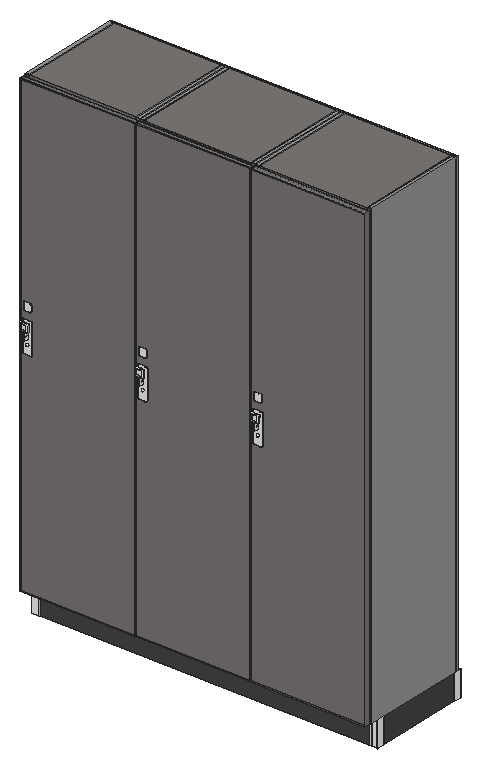
Revit family "Wood_Lockers_Hasps-Salsbury_Industries-18_41000_Series-3_Wide_Units", category Specialty Equipment, Revit 2026 (continued)
Definition of nested family "Premier Locker Doors_Hasp"
  Forms (in)
    Extrusion 6, solid, visible <- "Visible Number Plates", detail levels medium+fine
      sketch origin (-1.875, -0.375, 0) x (1, 0, 0) y (0, 0, 1)
        loop
          arc (-6.41334, 40.75) -> (-6.51881, 40.70631) -> (-6.5625, 40.60084) r 0.14916
          line (-6.5625, 40.60084) -> (-6.5625, 39.64916)
          arc (-6.5625, 39.64916) -> (-6.51881, 39.54369) -> (-6.41334, 39.5) r 0.14916
          line (-6.41334, 39.5) -> (-5.46166, 39.5)
          arc (-5.46166, 39.5) -> (-5.35619, 39.54369) -> (-5.3125, 39.64916) r 0.14916
          line (-5.3125, 39.64916) -> (-5.3125, 40.60084)
          arc (-5.3125, 40.60084) -> (-5.35619, 40.70631) -> (-5.46166, 40.75) r 0.14916
          line (-5.46166, 40.75) -> (-6.41334, 40.75)
      from -0.062 to 0
    Extrusion 7, solid, detail levels medium+fine
      sketch origin (0, 0.375, 0) x (1, 0, 0) y (0, 0, 1)
        loop
          circle (-8.4875, 71.3) r 0.25
      from 0 to -0.25
    Extrusion 8, solid, detail levels medium+fine
      sketch origin (0, 0.375, 0) x (1, 0, 0) y (0, 0, 1)
        loop
          line (8.3125, 68.5) -> (8.3125, 69) -> (7.8125, 69) -> (7.8125, 68.5) -> (8.3125, 68.5)
      from 0 to -0.25
    Extrusion 9, solid, detail levels medium+fine
      sketch origin (0, 0.375, -0.25) x (1, 0, 0) y (0, 0, 1)
        loop
          line (8.3125, 3) -> (8.3125, 3.5) -> (7.8125, 3.5) -> (7.8125, 3) -> (8.3125, 3)
      from 0 to -0.25
    Extrusion 10, solid, visible <- "Visible Center Hinge", detail levels medium+fine
      sketch origin (0, 0.375, -0.25) x (1, 0, 0) y (0, 0, 1)
        loop
          line (8.3125, 35.875) -> (8.3125, 36.375) -> (7.8125, 36.375) -> (7.8125, 35.875) -> (8.3125, 35.875)
      from 0 to -0.25
    Extrusion 11, void
      sketch origin (-1.875, -0.375, 0) x (1, 0, 0) y (0, 0, 1)
        loop
          arc (-6.5625, 38.3125) -> (-6.65089, 38.27589) -> (-6.6875, 38.1875) r 0.125
          line (-6.6875, 38.1875) -> (-6.6875, 33.5625)
          arc (-6.6875, 33.5625) -> (-6.65089, 33.47411) -> (-6.5625, 33.4375) r 0.125
          line (-6.5625, 33.4375) -> (-5.3125, 33.4375)
          arc (-5.3125, 33.4375) -> (-5.22411, 33.47411) -> (-5.1875, 33.5625) r 0.125
          line (-5.1875, 33.5625) -> (-5.1875, 38.1875)
          arc (-5.1875, 38.1875) -> (-5.22411, 38.27589) -> (-5.3125, 38.3125) r 0.125
          line (-5.3125, 38.3125) -> (-6.5625, 38.3125)
      from -0.062 to 0
    Extrusion 12, solid
      sketch origin (-1.875, -0.375, 0) x (1, 0, 0) y (0, 0, 1)
        loop
          line (-5.3125, 38.3125) -> (-6.5625, 38.3125)
          arc (-6.5625, 38.3125) -> (-6.65089, 38.27589) -> (-6.6875, 38.1875) r 0.125
          line (-6.6875, 38.1875) -> (-6.6875, 33.5625)
          arc (-6.6875, 33.5625) -> (-6.65089, 33.47411) -> (-6.5625, 33.4375) r 0.125
          line (-6.5625, 33.4375) -> (-5.3125, 33.4375)
          arc (-5.3125, 33.4375) -> (-5.22411, 33.47411) -> (-5.1875, 33.5625) r 0.125
          line (-5.1875, 33.5625) -> (-5.1875, 38.1875)
          arc (-5.1875, 38.1875) -> (-5.22411, 38.27589) -> (-5.3125, 38.3125) r 0.125
      from 0 to -0.062
    Extrusion 13, void
      sketch origin (-1.875, -0.375, 0) x (1, 0, 0) y (0, 0, 1)
        loop
          line (-6.1255, 36.6245) -> (-6.1255, 35.74816)
          arc (-6.1255, 35.74816) -> (-5.9375, 35.56016) -> (-5.7495, 35.74816) r 0.188
          line (-5.7495, 35.74816) -> (-5.7495, 36.6245)
          arc (-5.7495, 36.6245) -> (-5.9375, 36.8125) -> (-6.1255, 36.6245) r 0.188
      from 0 to -0.75
    Sweep 14, solid, detail levels medium+fine
      path origin (-1.875, -0.375, 0) x (1, 0, 0) y (0, 0, 1)
        loop
          circle (-5.9375, 34.8125) r 0.01
      profile origin (-7.8125, -0.375, 34.8225) x (0, 0, -1) y (0, -1, 0)
        loop
          line (0, 0) -> (0, 0.125)
          arc (0, 0.125) -> (-0.10032, 0.09036) -> (-0.156, 0) r 0.15776
          line (-0.156, 0) -> (0, 0)
    Extrusion 15, solid, detail levels medium+fine
      sketch origin (-1.875, -0.375, 0) x (1, 0, 0) y (0, 0, 1)
        loop
          circle (-5.9375, 34.8125) r 0.01
      from 0 to 0.125
    Sweep 16, solid
      path origin (-1.875, -0.375, 0) x (1, 0, 0) y (0, 0, 1)
        loop
          line (-6.5625, 38.1875) -> (-6.5625, 36.9375) -> (-5.3125, 36.9375) -> (-5.3125, 38.1875) -> (-6.5625, 38.1875)
      profile origin (-7.8125, -0.375, 38.1875) x (0, 0, 1) y (0, -1, 0)
        loop
          line (-0.38067, 0) -> (-0.38067, 0.24142)
          arc (-0.38067, 0.24142) -> (-0.34525, 0.34191) -> (-0.25465, 0.39797) r 0.16024
          arc (-0.25465, 0.39797) -> (-0.10494, 0.46941) -> (0, 0.59789) r 0.37946
          spline (0, 0.59789) -> (-0.00179, 0.61485) -> (-0.00715, 0.6316) -> (-0.01601, 0.64793) -> (-0.02825, 0.66364) -> (-0.04373, 0.67852) -> (-0.06225, 0.6924) -> (-0.08358, 0.7051) -> (-0.10745, 0.71647) -> (-0.13357, 0.72635) -> (-0.16161, 0.73463) -> (-0.19123, 0.74121) -> (-0.22204, 0.746)
          arc (-0.22204, 0.746) -> (-0.31051, 0.60028) -> (-0.42829, 0.47704) r 0.78682
          arc (-0.42829, 0.47704) -> (-0.50625, 0.37521) -> (-0.53396, 0.25) r 0.29673
          line (-0.53396, 0.25) -> (-0.53396, 0) -> (-0.38067, 0)
    Blend 17, solid
      base sketch origin (-1.875, -1.125, 0) x (0, 0, -1) y (-1, 0, 0)
        loop
          line (-37.96546, 6.34046) -> (-37.96546, 5.53454) -> (-37.15954, 5.53454) -> (-37.15954, 6.34046) -> (-37.96546, 6.34046)
      top sketch origin (-1.875, -1.125, 0) x (0, 0, -1) y (-1, 0, 0)
        loop
          line (-37.93279, 6.30777) -> (-37.93279, 5.56715) -> (-37.19211, 5.56715) -> (-37.19211, 6.30777) -> (-37.93279, 6.30777)
      from 0 to 0.031
    Extrusion 18, solid
      sketch origin (-7.8125, 0, 0) x (0, 0, -1) y (0, -1, 0)
        loop
          line (-35.6844, 1) -> (-36.6844, 1) -> (-36.6844, -0.375) -> (-35.6844, -0.375) -> (-35.6844, 1)
      from -0.063 to 0.063
    Extrusion 19, void
      sketch origin (-7.8125, 35.51803, 36.85077) x (0, 1, 0) y (0, 0, -1)
        loop
          circle (-36.1844, 0.66637) r 0.25
      from -0.063 to 0.063
  Cuts and joins
    Extrusion 5, Extrusion 13 cuts Extrusion 1
    Extrusion 5, Extrusion 11 cuts Extrusion 3
    Extrusion 13 cuts Extrusion 12
    Extrusion 13 cuts Extrusion 2
    Extrusion 19 cuts Extrusion 18
  Lines and regions (in)
    symbolic lines
      curve 1: line (-8.9375, 0.375, 0) -> (8.9375, 0.375, 0)
      curve 2: line (8.9375, 0.375, 0) -> (8.9375, 0.375, 71.75)
      curve 3: line (8.9375, 0.375, 71.75) -> (-8.9375, 0.375, 71.75)
      curve 4: line (-8.9375, 0.375, 71.75) -> (-8.9375, 0.375, 0)
      curve 5: line (-8.9375, 0.375, 71.625) -> (8.9375, 0.375, 71.625)
      curve 6: line (-8.9375, -0.375, 71.625) -> (-8.9375, 0.375, 71.625)
      curve 7: line (8.9375, -0.375, 71.625) -> (-8.9375, -0.375, 71.625)
      curve 8: line (8.9375, 0.375, 71.625) -> (8.9375, -0.375, 71.625)
      curve 9: line (8.3125, 0.375, 71.625) -> (8.3125, 0.625, 71.625)
      curve 10: line (8.3125, 0.625, 71.625) -> (7.8125, 0.625, 71.625)
      curve 11: line (7.8125, 0.625, 71.625) -> (7.8125, 0.375, 71.625)
      curve 12: line (-8.73713, 0.375, 71.625) -> (-8.73713, 0.625, 71.625)
      curve 13: line (-8.2375, 0.375, 71.625) -> (-8.2375, 0.625, 71.625)
      curve 14: line (-8.2375, 0.625, 71.625) -> (-8.73713, 0.625, 71.625)
      curve 15: line (-7.8125, -0.375, 71.75) -> (-7.8125, 0.375, 71.75)
      curve 16: line (-7.8125, -0.375, 0) -> (-7.8125, -0.375, 71.75)
      curve 17: line (-7.8125, 0.375, 0) -> (-7.8125, -0.375, 0)
      curve 18: line (-7.8125, 0.375, 71.75) -> (-7.8125, 0.375, 0)
      curve 19: line (-7.8125, 0.375, 69) -> (-7.8125, 0.625, 69)
      curve 20: line (-7.8125, 0.625, 69) -> (-7.8125, 0.625, 68.5)
      curve 21: line (-7.8125, 0.625, 68.5) -> (-7.8125, 0.375, 68.5)
      curve 22: line (-7.8125, 0.375, 3.25) -> (-7.8125, 0.625, 3.25)
      curve 23: line (-7.8125, 0.625, 3.25) -> (-7.8125, 0.625, 2.75)
      curve 24: line (-7.8125, 0.625, 2.75) -> (-7.8125, 0.375, 2.75)
      curve 25: line (-7.8125, 0.375, 36.125) -> (-7.8125, 0.625, 36.125)
      curve 26: line (-7.8125, 0.625, 36.125) -> (-7.8125, 0.625, 35.625)
      curve 27: line (-7.8125, 0.625, 35.625) -> (-7.8125, 0.375, 35.625)
      curve 28: line (-8.5625, -0.375, 71.625) -> (-7.0625, -0.375, 71.625)
      curve 29: line (-8.4375, -1.125, 38.3125) -> (-7.1875, -1.125, 38.3125)
      curve 30: arc (-7.0625, -1.125, 38.1875) -> (-7.09911, -1.125, 38.27589) -> (-7.1875, -1.125, 38.3125) r 0.125
      curve 31: arc (-8.4375, -1.125, 38.3125) -> (-8.52589, -1.125, 38.27589) -> (-8.5625, -1.125, 38.1875) r 0.125
      curve 32: line (-8.5625, -1.125, 33.5625) -> (-8.5625, -1.125, 38.1875)
      curve 33: line (-7.0625, -1.125, 38.1875) -> (-7.0625, -1.125, 33.5625)
      curve 34: arc (-7.1875, -1.125, 33.4375) -> (-7.09911, -1.125, 33.47411) -> (-7.0625, -1.125, 33.5625) r 0.125
      curve 35: arc (-8.5625, -1.125, 33.5625) -> (-8.52589, -1.125, 33.47411) -> (-8.4375, -1.125, 33.4375) r 0.125
      curve 36: line (-7.1875, -1.125, 33.4375) -> (-8.4375, -1.125, 33.4375)
      curve 37: arc (-7.6245, -1.125, 36.6245) -> (-7.8125, -1.125, 36.8125) -> (-8.0005, -1.125, 36.6245) r 0.188
      curve 38: arc (-8.0005, -1.125, 35.7505) -> (-7.8125, -1.125, 35.5625) -> (-7.6245, -1.125, 35.7505) r 0.188
      curve 39: line (-7.6245, -1.125, 36.6245) -> (-7.6245, -1.125, 35.7505)
      curve 40: line (-8.0005, -1.125, 35.7505) -> (-8.0005, -1.125, 36.6245)
      curve 41: line (-7.1875, -1.125, 36.9375) -> (-8.4375, -1.125, 36.9375)
      curve 42: line (-7.1875, -1.125, 38.1875) -> (-7.1875, -1.125, 36.9375)
      curve 43: line (-8.4375, -1.125, 36.9375) -> (-8.4375, -1.125, 38.1875)
      curve 44: line (-8.4375, -1.125, 38.1875) -> (-7.1875, -1.125, 38.1875)
      curve 45: line (-7.8755, -1.125, 36.6844) -> (-7.7495, -1.125, 36.6844)
      curve 46: line (-7.7495, -1.125, 36.6844) -> (-7.7495, -1.125, 35.6844)
      curve 47: line (-7.8755, -1.125, 35.6844) -> (-7.8755, -1.125, 36.6844)
      curve 48: line (-7.7495, -1.125, 35.6844) -> (-7.8755, -1.125, 35.6844)
      curve 49: line (-7.8125, -1, 36.6844) -> (-7.8125, -0.375, 36.6844)
      curve 50: line (-7.8125, -1, 35.6844) -> (-7.8125, -1, 36.6844)
      curve 51: line (-7.8125, -0.375, 35.6844) -> (-7.8125, -1, 35.6844)
      curve 52: arc (-7.8125, -0.91637, 36.1844) -> (-7.8125, -0.66637, 36.4344) -> (-7.8125, -0.41637, 36.1844) r 0.25
      curve 53: arc (-7.8125, -0.41637, 36.1844) -> (-7.8125, -0.66637, 35.9344) -> (-7.8125, -0.91637, 36.1844) r 0.25
      curve 54: line (-7.8125, -0.375, 37.31817) -> (-7.8125, -0.61642, 37.31817)
      curve 55: arc (-7.8125, -0.77297, 37.19215) -> (-7.8125, -0.71691, 37.28275) -> (-7.8125, -0.61642, 37.31817) r 0.16024
      curve 56: arc (-7.8125, -0.97289, 36.9375) -> (-7.8125, -0.84441, 37.04244) -> (-7.8125, -0.77297, 37.19215) r 0.37946
      curve 57: spline (-7.8125, -1.121, 37.15954) -> (-7.8125, -1.11621, 37.12873) -> (-7.8125, -1.10963, 37.09911) -> (-7.8125, -1.10135, 37.07107) -> (-7.8125, -1.09147, 37.04495) -> (-7.8125, -1.0801, 37.02108) -> (-7.8125, -1.0674, 36.99975) -> (-7.8125, -1.05352, 36.98123) -> (-7.8125, -1.03864, 36.96575) -> (-7.8125, -1.02293, 36.95351) -> (-7.8125, -1.0066, 36.94465) -> (-7.8125, -0.98985, 36.93929) -> (-7.8125, -0.97289, 36.9375)
      curve 58: line (-7.8125, -1.125, 37.15954) -> (-7.8125, -1.125, 37.96546)
      curve 59: spline (-7.8125, -1.121, 37.96546) -> (-7.8125, -1.11621, 37.99627) -> (-7.8125, -1.10963, 38.02589) -> (-7.8125, -1.10135, 38.05393) -> (-7.8125, -1.09147, 38.08005) -> (-7.8125, -1.0801, 38.10392) -> (-7.8125, -1.0674, 38.12525) -> (-7.8125, -1.05352, 38.14377) -> (-7.8125, -1.03864, 38.15925) -> (-7.8125, -1.02293, 38.17149) -> (-7.8125, -1.0066, 38.18035) -> (-7.8125, -0.98985, 38.18571) -> (-7.8125, -0.97289, 38.1875)
      curve 60: arc (-7.8125, -0.97289, 38.1875) -> (-7.8125, -0.84441, 38.08256) -> (-7.8125, -0.77297, 37.93285) r 0.37946
      curve 61: arc (-7.8125, -0.77297, 37.93285) -> (-7.8125, -0.71691, 37.84225) -> (-7.8125, -0.61642, 37.80683) r 0.16024
      curve 62: line (-7.8125, -0.61642, 37.80683) -> (-7.8125, -0.375, 37.80683)
      curve 63: line (-8.05683, -0.61642, 71.625) -> (-8.05683, -0.375, 71.625)
      curve 64: arc (-8.18285, -0.77297, 71.625) -> (-8.09225, -0.71691, 71.625) -> (-8.05683, -0.61642, 71.625) r 0.16024
      curve 65: arc (-8.4375, -0.97289, 71.625) -> (-8.33256, -0.84441, 71.625) -> (-8.18285, -0.77297, 71.625) r 0.37946
      curve 66: line (-7.40954, -1.125, 71.625) -> (-8.21546, -1.125, 71.625)
      curve 67: spline (-7.40954, -1.121, 71.625) -> (-7.37873, -1.11621, 71.625) -> (-7.34911, -1.10963, 71.625) -> (-7.32107, -1.10135, 71.625) -> (-7.29495, -1.09147, 71.625) -> (-7.27108, -1.0801, 71.625) -> (-7.24975, -1.0674, 71.625) -> (-7.23123, -1.05352, 71.625) -> (-7.21575, -1.03864, 71.625) -> (-7.20351, -1.02293, 71.625) -> (-7.19465, -1.0066, 71.625) -> (-7.18929, -0.98985, 71.625) -> (-7.1875, -0.97289, 71.625)
      curve 68: arc (-7.1875, -0.97289, 71.625) -> (-7.29244, -0.84441, 71.625) -> (-7.44215, -0.77297, 71.625) r 0.37946
      curve 69: arc (-7.44215, -0.77297, 71.625) -> (-7.53275, -0.71691, 71.625) -> (-7.56817, -0.61642, 71.625) r 0.16024
      curve 70: line (-7.56817, -0.375, 71.625) -> (-7.56817, -0.61642, 71.625)
      curve 71: spline (-8.21546, -1.121, 71.625) -> (-8.24627, -1.11621, 71.625) -> (-8.27589, -1.10963, 71.625) -> (-8.30393, -1.10135, 71.625) -> (-8.33005, -1.09147, 71.625) -> (-8.35392, -1.0801, 71.625) -> (-8.37525, -1.0674, 71.625) -> (-8.39377, -1.05352, 71.625) -> (-8.40925, -1.03864, 71.625) -> (-8.42149, -1.02293, 71.625) -> (-8.43035, -1.0066, 71.625) -> (-8.43571, -0.98985, 71.625) -> (-8.4375, -0.97289, 71.625)
    reference lines
      curve 72: line (-8.9375, 0, 71.75) -> (8.3435, 0, 71.75)
      curve 73: line (8.3435, 0, 71.75) -> (-8.9375, 0, 71.75)
  Dimensions and locks (in)
    equal spacing: plane 4 "Left Side of Door", plane 3 "Center (Left/Right)", plane 5 "Right Side of Door"
    "Width": plane 4 "Left Side of Door" to plane 5 "Right Side of Door"
    equal spacing: plane 7 "Front of Door", plane 1 "Center (Front/Back)", plane 6 "Back of Door"
    "Depth": plane 7 "Front of Door" to plane 6 "Back of Door"
    equal spacing: plane 9 "Top of Door", plane 10 "Center of Door", plane 8 "Bottom of Door"
    "Height": plane 9 "Top of Door" to plane 8 "Bottom of Door"
    equal spacing: plane 11 "Top of Number Tag", plane 16 "Center of Number Tag", plane 12 "Bottom of Number Tag"
    "Number Tag Height": plane 11 "Top of Number Tag" to plane 12 "Bottom of Number Tag"
    equal spacing: plane 14 "Right Side of Number Tag", plane 15 "Horizontal Center of Number Tag", plane 13 "Left Side of Number Tag"
    "Number Tag Width": plane 14 "Right Side of Number Tag" to plane 13 "Left Side of Number Tag"
    "Number Tag-Horizontal Offset": plane 15 "Horizontal Center of Number Tag" to plane 5 "Right Side of Door"
    "Number Tag-Vertical Offset": plane 9 "Top of Door" to plane 16 "Center of Number Tag"
    "Lock Horizontal Offset": plane 4 "Left Side of Door" to plane 17 "Left Side of Lock"
    equal spacing: plane 20 "Top of Lock", plane 19 "Lock Vertical Center", plane 21 "Bottom of Lock"
    "Lock Height": plane 20 "Top of Lock" to plane 21 "Bottom of Lock"
    "Lock Vertical Offset": plane 9 "Top of Door" to plane 19 "Lock Vertical Center"
    plane 22 "Front of Hasp Stud" to plane 7 "Front of Door" = 0.125"
    locked: plane 24 "Right Side of Door-Left Side of Trim" to plane 5 "Right Side of Door" at 0.125
    locked: plane 4 "Left Side of Door" to plane 23 "Left Side of Door-Right Side of Trim" at 0.125
    locked: plane 9 "Top of Door" to plane 25 "Top of Door-Bottom of Trim" at 0.125
    plane 26 "Bottom of Door-Top of Trim" to plane 8 "Bottom of Door" = 0.125"
    plane 28 "Melamine-Particleboard Line" to plane 6 "Back of Door" = 0.031"
    plane 7 "Front of Door" to plane 27 "Laminate-Particleboard Line" = 0.031"
    plane 27 "Laminate-Particleboard Line" to plane 29 "Back of Number Plate Inset" = 0.031"
    equal spacing: plane 18 "Right Side of Lock", plane 30 "Center of Lock", plane 17 "Left Side of Lock", locked at 0.75 each
    "Lock Width": plane 18 "Right Side of Lock" to plane 17 "Left Side of Lock"
    plane 22 "Front of Hasp Stud" to plane 31 = 0.312"
    plane 6 "Back of Door" to plane 32 "Door Stopper Plane" = 0.250"
    locked: plane 23 "Left Side of Door-Right Side of Trim" to plane 33 at 0.325
    locked: plane 25 "Top of Door-Bottom of Trim" to plane 34 at 0.325
    locked: plane 9 "Top of Door" to plane 35 "Top Hinge" at 3
    plane 36 to plane 5 "Right Side of Door" = 0.625"
    plane 6 "Back of Door" to plane 28 "Melamine-Particleboard Line" = 0.031"
    plane 9 "Top of Door" to plane 25 "Top of Door-Bottom of Trim" = 0.125"
    plane 7 "Front of Door" to plane 38 "Inner Knob" = 0.719"
    locked: plane 38 "Inner Knob" to plane 39 "Front of Knob" at 0.031
    locked: plane 40 to plane 20 "Top of Lock" at 1.125
    locked: plane 21 "Bottom of Lock" to plane 41 at 1.125
    locked: plane 20 "Top of Lock" to plane 42 at 0.125
    locked: plane 18 "Right Side of Lock" to plane 43 at 0.125
    locked: plane 44 to plane 17 "Left Side of Lock" at 0.125
    plane 42 to plane 45 = 1.250"
    locked: plane 45 to plane 46 "Top of Hole" at 0.125
    plane 48 to plane 30 "Center of Lock" to plane 47 = 0.188" locked, 0.188" locked
    locked: plane 46 "Top of Hole" to plane 49 "Bottom of Hole" at 1.25
    plane 49 "Bottom of Hole" to plane 50 "Stud Alignment" = 0.750"
    locked: plane 42 to plane 51 "Center of Handle" at 0.625
    plane 52 to plane 51 "Center of Handle" to plane 53 = 0.188" locked, 0.188" locked
    plane 7 "Front of Door" to plane 39 "Front of Knob" = 0.750"
    locked: plane 42 to plane 54 at 0.22204
    locked: plane 55 to plane 45 at 0.22204
    locked: plane 7 "Front of Door" to plane 56 "Front of Latch" at 0.625
    locked: plane 57 to plane 58 at 1
    locked: plane 46 "Top of Hole" to plane 57 at 0.1281
    equal spacing: plane 58, plane 59, plane 57
    locked: plane 60 to plane 5 "Right Side of Door" at 0.594
    locked: plane 57 to plane 61 at 0.0599
    locked: plane 62 to plane 58 at 0.06376
    plane 12 "Bottom of Number Tag" to plane 20 "Top of Lock" = 1.1875"
    aligned and locked: level to plane 2
    aligned and locked: Extrusion 5 to plane 11 "Top of Number Tag"
    aligned and locked: plane 12 "Bottom of Number Tag" to Extrusion 5
    aligned and locked: Extrusion 5 to plane 14 "Right Side of Number Tag"
    aligned and locked: Extrusion 5 to plane 13 "Left Side of Number Tag"
    aligned and locked: plane 29 "Back of Number Plate Inset" to Extrusion 5
    aligned and locked: plane 7 "Front of Door" to Extrusion 5
    aligned and locked: plane 29 "Back of Number Plate Inset" to Extrusion 6
    aligned and locked: plane 7 "Front of Door" to Extrusion 6
    aligned and locked: Extrusion 6 to plane 14 "Right Side of Number Tag"
    aligned and locked: Extrusion 6 to plane 13 "Left Side of Number Tag"
    aligned and locked: Extrusion 6 to plane 11 "Top of Number Tag"
    aligned and locked: plane 12 "Bottom of Number Tag" to Extrusion 6
    aligned and locked: curve 9 to Extrusion 8
    aligned and locked: curve 10 to Extrusion 8
    aligned and locked: curve 11 to Extrusion 8
    aligned and locked: Extrusion 7 to curve 12
    aligned and locked: curve 14 to Extrusion 7
    aligned and locked: curve 16 to plane 7 "Front of Door"
    aligned and locked: curve 19 to Extrusion 8  (x2)
    aligned and locked: curve 21 to Extrusion 8
    aligned and locked: curve 18 to curve 22
    aligned and locked: curve 22 to Extrusion 9  (x2)
    aligned and locked: curve 24 to Extrusion 9
    aligned and locked: curve 25 to Extrusion 10
    aligned and locked: curve 26 to Extrusion 10
    aligned and locked: curve 27 to Extrusion 10
    aligned and locked: plane 20 "Top of Lock" to Extrusion 11 sketch curve
    aligned and locked: Extrusion 11 sketch curve to plane 21 "Bottom of Lock"
    aligned and locked: Extrusion 11 to plane 29 "Back of Number Plate Inset"
    aligned and locked: plane 7 "Front of Door" to Extrusion 11
    aligned and locked: Extrusion 3 to Extrusion 11
    aligned and locked: Sweep 14 to plane 50 "Stud Alignment"  (x2)
    aligned and locked: Extrusion 15 to plane 7 "Front of Door"
    aligned and locked: Extrusion 15 to plane 22 "Front of Hasp Stud"
    aligned and locked: Extrusion 15 to plane 50 "Stud Alignment"
    aligned and locked: Blend 17 to plane 39 "Front of Knob"
    aligned and locked: plane 38 "Inner Knob" to Blend 17
    aligned and locked: plane 6 "Back of Door" to Extrusion 18 sketch curve
    aligned and locked: plane 56 "Front of Latch" to Extrusion 18 sketch curve
    aligned and locked: Extrusion 18 to plane 57
    aligned and locked: plane 58 to Extrusion 18
    aligned and locked: plane 59 to cut or joined group of Extrusion 18, Extrusion 19
    aligned and locked: Extrusion 13 sketch curve to plane 61  (x2)
    aligned and locked: Extrusion 13 sketch curve to plane 62  (x2)
  Automatic sketch dimensions
    Extrusion 1 sketch curve to plane 4 "Left Side of Door" = 0.031"
    plane 5 "Right Side of Door" to Extrusion 1 sketch curve = 0.031"
    level to Extrusion 1 sketch curve = 0.031"
    plane 9 "Top of Door" to Extrusion 1 sketch curve = 0.031"
    Extrusion 2 sketch curve to plane 4 "Left Side of Door" = 0.031"
    plane 5 "Right Side of Door" to Extrusion 2 sketch curve = 0.031"
    level to Extrusion 2 sketch curve = 0.031"
    plane 9 "Top of Door" to Extrusion 2 sketch curve = 0.031"
    Extrusion 3 sketch curve to plane 4 "Left Side of Door" = 0.031"
    plane 5 "Right Side of Door" to Extrusion 3 sketch curve = 0.031"
    level to Extrusion 3 sketch curve = 0.031"
    plane 9 "Top of Door" to Extrusion 3 sketch curve = 0.031"
    plane 23 "Left Side of Door-Right Side of Trim" to Sweep 4 sketch curve = 0.000"
    plane 24 "Right Side of Door-Left Side of Trim" to Sweep 4 sketch curve = 0.000"  (x2)
    Sweep 4 sketch curve to plane 26 "Bottom of Door-Top of Trim" = 0.000"
    Sweep 4 sketch curve to plane 25 "Top of Door-Bottom of Trim" = 0.000"
    profile plane to Sweep 4 sketch curve = 0.125"
    Sweep 4 sketch curve to Sweep 4 sketch curve = 0.031"
    Sweep 4 sketch curve to plane 1 "Center (Front/Back)" = 0.375"
    plane 1 "Center (Front/Back)" to Sweep 4 sketch curve = 0.375"
    Extrusion 7 sketch curve to plane 33 = 0.000"
    Extrusion 7 sketch curve to plane 34 = 0.000"
    plane 36 to Extrusion 8 sketch curve = 0.000"
    Extrusion 8 sketch curve to Extrusion 8 sketch curve = 0.500"
    plane 35 "Top Hinge" to Extrusion 8 sketch curve = 0.250"
    Extrusion 8 sketch curve to plane 35 "Top Hinge" = 0.250"
    plane 36 to Extrusion 9 sketch curve = 0.000"
    Extrusion 9 sketch curve to Extrusion 9 sketch curve = 0.500"
    plane 37 "Bottom Hinge" to Extrusion 9 sketch curve = 0.250"
    Extrusion 9 sketch curve to plane 37 "Bottom Hinge" = 0.250"
    plane 36 to Extrusion 10 sketch curve = 0.000"
    Extrusion 10 sketch curve to Extrusion 10 sketch curve = 0.500"
    curve 4 to level = 0.000"
    plane 4 "Left Side of Door" to curve 4 = 0.000"
    plane 5 "Right Side of Door" to curve 3 = 0.000"
    curve 3 to plane 9 "Top of Door" = 0.000"
    Extrusion 5 sketch curve to plane 13 "Left Side of Number Tag" = 0.000"
    Extrusion 5 sketch curve to plane 12 "Bottom of Number Tag" = 0.000"
    Extrusion 5 sketch curve to plane 11 "Top of Number Tag" = 0.000"
    Extrusion 5 sketch curve to plane 14 "Right Side of Number Tag" = 0.000"
    Extrusion 6 sketch curve to plane 13 "Left Side of Number Tag" = 0.000"
    Extrusion 6 sketch curve to plane 12 "Bottom of Number Tag" = 0.000"
    Extrusion 6 sketch curve to plane 11 "Top of Number Tag" = 0.000"
    Extrusion 6 sketch curve to plane 14 "Right Side of Number Tag" = 0.000"
    Extrusion 11 sketch curve to plane 13 "Left Side of Number Tag" = 0.125"
    Extrusion 10 sketch curve to plane 10 "Center of Door" = 0.250"
    plane 10 "Center of Door" to Extrusion 10 sketch curve = 0.250"
    Extrusion 11 sketch curve to plane 21 "Bottom of Lock" = 0.125"
    plane 13 "Left Side of Number Tag" to Extrusion 5 sketch curve = 0.14916"
    Extrusion 5 sketch curve to Extrusion 5 sketch curve = 0.14916"  (x2)
    plane 13 "Left Side of Number Tag" to Extrusion 6 sketch curve = 0.14916"
    Extrusion 6 sketch curve to plane 12 "Bottom of Number Tag" = 0.14916"
    plane 13 "Left Side of Number Tag" to Extrusion 11 sketch curve = 0.000"  (x2)
    Extrusion 5 sketch curve to plane 12 "Bottom of Number Tag" = 0.14916"
    Extrusion 6 sketch curve to plane 14 "Right Side of Number Tag" = 0.14916"  (x2)
    plane 14 "Right Side of Number Tag" to Extrusion 11 sketch curve = 0.000"  (x2)
    Extrusion 12 sketch curve to plane 17 "Left Side of Lock" = 0.000"
    plane 13 "Left Side of Number Tag" to Extrusion 12 sketch curve = 0.000"  (x2)
    plane 14 "Right Side of Number Tag" to Extrusion 12 sketch curve = 0.000"  (x2)
    Extrusion 12 sketch curve to plane 20 "Top of Lock" = 0.000"
    Extrusion 12 sketch curve to plane 18 "Right Side of Lock" = 0.000"
    Extrusion 12 sketch curve to plane 21 "Bottom of Lock" = 0.125"
    plane 15 "Horizontal Center of Number Tag" to Sweep 14 sketch curve = 0.000"
    Sweep 14 sketch curve to plane 50 "Stud Alignment" = 0.000"
    Sweep 14 sketch curve to plane 7 "Front of Door" = 0.000"
    Sweep 14 sketch curve to profile plane = 0.000"
    profile plane to Sweep 14 sketch curve = 0.00168"
    profile plane to Sweep 14 sketch curve = 0.156"
    Sweep 14 sketch curve to plane 7 "Front of Door" = 0.03275"
    Extrusion 15 sketch curve to Extrusion 15 sketch curve = 0.000"  (x2)
    Extrusion 15 sketch curve to plane 50 "Stud Alignment" = 0.000"
    plane 15 "Horizontal Center of Number Tag" to Extrusion 15 sketch curve = 0.000"
    plane 15 "Horizontal Center of Number Tag" to Extrusion 15 sketch curve = 0.010"
    plane 13 "Left Side of Number Tag" to Sweep 16 sketch curve = 0.000"
    plane 14 "Right Side of Number Tag" to Sweep 16 sketch curve = 0.000"
    Sweep 16 sketch curve to plane 45 = 0.000"
    Sweep 16 sketch curve to plane 42 = 0.000"
    Sweep 16 sketch curve to plane 7 "Front of Door" = 0.000"
    profile plane to Sweep 16 sketch curve = 0.000"
    profile plane to Sweep 16 sketch curve = 0.22043"
    Sweep 16 sketch curve to Sweep 16 sketch curve = 0.01681"
    profile plane to Sweep 16 sketch curve = 0.33926"
    Sweep 16 sketch curve to Sweep 16 sketch curve = 0.14344"
    Sweep 16 sketch curve to Sweep 16 sketch curve = 0.15329"
    Sweep 16 sketch curve to Sweep 16 sketch curve = 0.59563"
    Sweep 16 sketch curve to Sweep 16 sketch curve = 0.24142"
    Sweep 16 sketch curve to Sweep 16 sketch curve = 0.00858"
    Sweep 16 sketch curve to Sweep 16 sketch curve = 0.51788"
    Sweep 16 sketch curve to Sweep 16 sketch curve = 0.31119"
    Sweep 16 sketch curve to Sweep 16 sketch curve = 0.11721"
    Sweep 16 sketch curve to Sweep 16 sketch curve = 0.01742"
    Sweep 16 sketch curve to Sweep 16 sketch curve = 0.06553"
    Sweep 16 sketch curve to Sweep 16 sketch curve = 0.000"
    Blend 17 sketch curve to plane 54 = 0.000"
    Blend 17 sketch curve to plane 55 = 0.000"
    Blend 17 sketch curve to plane 47 = 0.21496"
    plane 48 to Blend 17 sketch curve = 0.21496"
    plane 54 to Blend 17 sketch curve = 0.03267"
    Blend 17 sketch curve to plane 40 = 0.00461"
    Blend 17 sketch curve to plane 47 = 0.18235"
    plane 48 to Blend 17 sketch curve = 0.18227"
    Extrusion 18 sketch curve to plane 57 = 0.000"
    Extrusion 18 sketch curve to plane 58 = 0.000"
    plane 59 to Extrusion 19 sketch curve = 0.000"
    Extrusion 19 sketch curve to plane 22 "Front of Hasp Stud" = 0.16637"
    curve 29 to plane 14 "Right Side of Number Tag" = 0.000"
    curve 29 to plane 20 "Top of Lock" = 0.000"
    curve 30 to plane 18 "Right Side of Lock" = 0.000"
    curve 29 to plane 13 "Left Side of Number Tag" = 0.000"
    curve 31 to plane 42 = 0.000"
    curve 32 to plane 21 "Bottom of Lock" = 0.125"
    curve 34 to plane 14 "Right Side of Number Tag" = 0.000"
    curve 35 to plane 13 "Left Side of Number Tag" = 0.000"
    plane 15 "Horizontal Center of Number Tag" to curve 37 = 0.000"
    plane 47 to curve 37 = 0.000"
    plane 57 to curve 37 = 0.0599"
    curve 39 to plane 58 = 0.0661"
    curve 42 to plane 14 "Right Side of Number Tag" = 0.000"
    curve 41 to plane 13 "Left Side of Number Tag" = 0.000"
    curve 41 to plane 45 = 0.000"
    curve 43 to plane 42 = 0.000"
    curve 46 to plane 57 = 0.000"
    curve 46 to plane 15 "Horizontal Center of Number Tag" = 0.063"
    plane 15 "Horizontal Center of Number Tag" to curve 45 = 0.063"
    curve 47 to plane 58 = 0.000"
    curve 15 to plane 6 "Back of Door" = 0.000"
    plane 9 "Top of Door" to curve 15 = 0.000"
    plane 57 to curve 49 = 0.000"
    curve 51 to plane 56 "Front of Latch" = 0.000"
    plane 58 to curve 51 = 0.000"
    curve 17 to level = 0.000"
    plane 59 to curve 52 = 0.000"
    curve 53 to plane 22 "Front of Hasp Stud" = 0.16637"
    plane 7 "Front of Door" to curve 53 = 0.04137"
    plane 53 to curve 54 = 0.05633"
    curve 54 to plane 22 "Front of Hasp Stud" = 0.11642"
    plane 55 to curve 55 = 0.00161"
    curve 55 to plane 40 = 0.00465"
    plane 45 to curve 56 = 0.000"
    curve 56 to plane 39 "Front of Knob" = 0.01788"
    curve 56 to plane 40 = 0.08926"
    plane 55 to curve 57 = 0.000"
    curve 57 to plane 40 = 0.03757"
    plane 39 "Front of Knob" to curve 57 = 0.004"
    plane 42 to curve 60 = 0.000"
    curve 58 to plane 39 "Front of Knob" = 0.000"
    plane 54 to curve 58 = 0.000"
    plane 54 to curve 59 = 0.000"
    plane 55 to curve 58 = 0.000"
    curve 60 to plane 39 "Front of Knob" = 0.01788"
    curve 60 to plane 52 = 0.09774"
    plane 54 to curve 60 = 0.03261"
    plane 56 "Front of Latch" to curve 59 = 0.02711"
    plane 54 to curve 59 = 0.06553"
    plane 39 "Front of Knob" to curve 59 = 0.004"
    curve 61 to plane 54 = 0.00161"
    curve 61 to plane 22 "Front of Hasp Stud" = 0.11642"
    plane 6 "Back of Door" to curve 9 = 0.000"
    curve 6 to plane 4 "Left Side of Door" = 0.000"
    plane 7 "Front of Door" to curve 6 = 0.000"
    plane 7 "Front of Door" to curve 28 = 0.000"
    curve 67 to plane 14 "Right Side of Number Tag" = 0.000"
    curve 65 to plane 13 "Left Side of Number Tag" = 0.000"
    curve 66 to plane 39 "Front of Knob" = 0.000"
    curve 28 to plane 17 "Left Side of Lock" = 0.000"
    curve 28 to plane 18 "Right Side of Lock" = 0.000"
    curve 8 to plane 5 "Right Side of Door" = 0.000"
    curve 64 to plane 22 "Front of Hasp Stud" = 0.11642"
    curve 69 to plane 22 "Front of Hasp Stud" = 0.11642"
    curve 68 to plane 39 "Front of Knob" = 0.01788"
    curve 65 to plane 39 "Front of Knob" = 0.01788"
    curve 14 to plane 23 "Left Side of Door-Right Side of Trim" = 0.07537"
    plane 48 to curve 64 = 0.21657"
    plane 48 to curve 65 = 0.09774"
    plane 48 to curve 63 = 0.05633"
    curve 70 to plane 47 = 0.05633"
    curve 68 to plane 47 = 0.09774"
    curve 69 to curve 69 = 0.16024"
    curve 64 to curve 65 = 0.15655"
    curve 69 to curve 68 = 0.15655"
    plane 39 "Front of Knob" to curve 67 = 0.004"
    plane 33 to curve 14 = 0.250"
    curve 66 to curve 65 = 0.11721"
    curve 67 to plane 47 = 0.14943"
    curve 68 to curve 66 = 0.11721"
    curve 67 to curve 66 = 0.000"
    plane 39 "Front of Knob" to curve 71 = 0.004"
    curve 71 to curve 66 = 0.000"
    plane 48 to curve 71 = 0.14943"
    plane 1 "Center (Front/Back)" to curve 73 = 0.000"
    curve 73 to plane 4 "Left Side of Door" = 0.000"
    curve 73 to plane 60 = 0.000"
    plane 48 to Extrusion 13 sketch curve = 0.000"
    plane 15 "Horizontal Center of Number Tag" to Extrusion 13 sketch curve = 0.000"
    radius of Extrusion 7 sketch curve = 0.250"
    radius of Sweep 14 sketch curve = 0.010"
    radius of Extrusion 19 sketch curve = 0.250"
Definition of nested family "Wood Locker Bases"
  Parameters (values of type "Base - 18" W x 18" D Lockers")
    Width = 18.000"
    Visible Base = yes
    Visible = no
    Model = "Base - 18\" W x 18\" D Lockers"
    Manufacturer = "Salsbury Industries"
    Height = 4.000"
    Depth = 16.250"
    Default Elevation = 0.000"
    Base Secondary Material = none
    Base Primary Materials = none
    Base Hardware = none
  Types (8): name | Width | Visible Base | Visible | Model | Depth
    (no name) | 18.000" | yes | no | "Base - 18\" W x 18\" D Lockers" | 16.250"
    Base - 18" W x 18" D Lockers | 18.000" | yes | no | "Base - 18\" W x 18\" D Lockers" | 16.250"
    Base - 18" W x 21" D Lockers | 18.000" | yes | no | "Base - 18\" W x 21\" D Lockers" | 19.250"
    Base - 18" W x 24" D Lockers | 18.000" | yes | no | "Base - 18\" W x 24\" D Lockers" | 22.250"
    Base - 54" W x 18" D Lockers | 54.000" | yes | yes | "Base - 54\" W x 18\" D Lockers" | 16.250"
    Base - 54" W x 21" D Lockers | 54.000" | yes | yes | "Base - 54\" W x 21\" D Lockers" | 19.250"
    Base - 54" W x 24" D Lockers | 54.000" | yes | yes | "Base - 54\" W x 24\" D Lockers" | 22.250"
    None | 12.000" | no | no | "Base - 12\" W x 15\" D Lockers" | 13.250"
  Reference planes (in)
    plane 1 "Center (Front/Back)": y = 0
    plane 2: z = 0
    plane 3 "Center (Left/Right)": x = 0
    plane 4 "Left Edge": x = -9
    plane 5 "Right Edge": x = 9
    plane 6 "Back Edge": y = 8.125
    plane 7 "Front Edge": y = -8.125
    plane 8 "Bottom Edge": z = 0
    plane 9 "Top Edge": z = 4
    plane 10: x = -7.75
    plane 11: x = -7.102
    plane 12: y = 8.062
    plane 13: y = 7.3
    plane 14: x = -8.131
    plane 15: x = -8.256
    plane 16: x = -8.937
    plane 17: x = -8.175
    plane 18: y = 6.227
    plane 19: y = 6.875
    plane 20: y = 7.256
    plane 21: y = 7.381
    plane 22: x = -8.931
    plane 23: x = 8.931
    plane 24: y = 8.056
    plane 25: y = -8.056
    plane 26: y = 8.025
    plane 27: y = -8.025
    plane 28: x = -8.9
    plane 29: x = 8.9
    plane 30: x = -2.375
    plane 31: x = 2.375
  Forms (in)
    Extrusion 1, solid, material <- "Base Hardware", visible <- "Visible Base"
      sketch origin (0, 0, 0) x (1, 0, 0) y (0, 1, 0)
        loop
          arc (-8.96712, 8.125) -> (-8.99098, 8.11598) -> (-9, 8.09212) r 0.031
          line (-9, 8.09212) -> (-9, 6.9065)
          arc (-9, 6.9065) -> (-8.9685, 6.875) -> (-8.937, 6.9065) r 0.0315
          line (-8.937, 6.9065) -> (-8.937, 7.256) -> (-8.837, 7.256) -> (-8.837, 7.319) -> (-8.937, 7.319) -> (-8.937, 8.01465) -> (-8.256, 7.33365) -> (-8.256, 7.256) -> (-8.175, 7.256) -> (-8.175, 6.25833)
          arc (-8.175, 6.25833) -> (-8.14367, 6.227) -> (-8.11235, 6.25833) r 0.03133
          line (-8.11235, 6.25833) -> (-8.11235, 7.23703) -> (-7.13348, 7.23703)
          arc (-7.13348, 7.23703) -> (-7.102, 7.26852) -> (-7.13348, 7.3) r 0.03148
          line (-7.13348, 7.3) -> (-8.131, 7.3) -> (-8.131, 7.381) -> (-8.21422, 7.381) -> (-8.89522, 8.062) -> (-8.194, 8.062) -> (-8.194, 7.962) -> (-8.131, 7.962) -> (-8.131, 8.062) -> (-7.7814, 8.062)
          arc (-7.7814, 8.062) -> (-7.7499, 8.0935) -> (-7.7814, 8.125) r 0.0315
          line (-7.7814, 8.125) -> (-8.96712, 8.125)
      from 0 to 4
    Extrusion 2, solid, material <- "Base Hardware", visible <- "Visible Base"
      sketch origin (0, 0, 0) x (-1, 0, 0) y (0, -1, 0)
        loop
          line (-8.96712, -8.125) -> (-7.7814, -8.125)
          arc (-7.7814, -8.125) -> (-7.7499, -8.0935) -> (-7.7814, -8.062) r 0.0315
          line (-7.7814, -8.062) -> (-8.131, -8.062) -> (-8.131, -7.962) -> (-8.194, -7.962) -> (-8.194, -8.062) -> (-8.89522, -8.062) -> (-8.21422, -7.381) -> (-8.131, -7.381) -> (-8.131, -7.3) -> (-7.13348, -7.3)
          arc (-7.13348, -7.3) -> (-7.102, -7.26852) -> (-7.13348, -7.23703) r 0.03148
          line (-7.13348, -7.23703) -> (-8.11235, -7.23703) -> (-8.11235, -6.25833)
          arc (-8.11235, -6.25833) -> (-8.14367, -6.227) -> (-8.175, -6.25833) r 0.03133
          line (-8.175, -6.25833) -> (-8.175, -7.256) -> (-8.256, -7.256) -> (-8.256, -7.33365) -> (-8.937, -8.01465) -> (-8.937, -7.319) -> (-8.837, -7.319) -> (-8.837, -7.256) -> (-8.937, -7.256) -> (-8.937, -6.9065)
          arc (-8.937, -6.9065) -> (-8.9685, -6.875) -> (-9, -6.9065) r 0.0315
          line (-9, -6.9065) -> (-9, -8.09212)
          arc (-9, -8.09212) -> (-8.99098, -8.11598) -> (-8.96712, -8.125) r 0.031
      from 0 to 4
    Extrusion 3, solid, material <- "Base Hardware", visible <- "Visible Base"
      sketch origin (0, 0, 0) x (1, 0, 0) y (0, 1, 0)
        loop
          line (-8.96712, -8.125) -> (-7.7814, -8.125)
          arc (-7.7814, -8.125) -> (-7.7499, -8.0935) -> (-7.7814, -8.062) r 0.0315
          line (-7.7814, -8.062) -> (-8.131, -8.062) -> (-8.131, -7.962) -> (-8.194, -7.962) -> (-8.194, -8.062) -> (-8.89522, -8.062) -> (-8.21422, -7.381) -> (-8.131, -7.381) -> (-8.131, -7.3) -> (-7.13348, -7.3)
          arc (-7.13348, -7.3) -> (-7.102, -7.26852) -> (-7.13348, -7.23703) r 0.03148
          line (-7.13348, -7.23703) -> (-8.11235, -7.23703) -> (-8.11235, -6.25833)
          arc (-8.11235, -6.25833) -> (-8.14367, -6.227) -> (-8.175, -6.25833) r 0.03133
          line (-8.175, -6.25833) -> (-8.175, -7.256) -> (-8.256, -7.256) -> (-8.256, -7.33365) -> (-8.937, -8.01465) -> (-8.937, -7.319) -> (-8.837, -7.319) -> (-8.837, -7.256) -> (-8.937, -7.256) -> (-8.937, -6.9065)
          arc (-8.937, -6.9065) -> (-8.9685, -6.875) -> (-9, -6.9065) r 0.0315
          line (-9, -6.9065) -> (-9, -8.09212)
          arc (-9, -8.09212) -> (-8.99098, -8.11598) -> (-8.96712, -8.125) r 0.031
      from 0 to 4
    Extrusion 4, solid, material <- "Base Hardware", visible <- "Visible Base"
      sketch origin (0, 0, 0) x (-1, 0, 0) y (0, -1, 0)
        loop
          arc (-8.96712, 8.125) -> (-8.99098, 8.11598) -> (-9, 8.09212) r 0.031
          line (-9, 8.09212) -> (-9, 6.9065)
          arc (-9, 6.9065) -> (-8.9685, 6.875) -> (-8.937, 6.9065) r 0.0315
          line (-8.937, 6.9065) -> (-8.937, 7.256) -> (-8.837, 7.256) -> (-8.837, 7.319) -> (-8.937, 7.319) -> (-8.937, 8.01465) -> (-8.256, 7.33365) -> (-8.256, 7.256) -> (-8.175, 7.256) -> (-8.175, 6.25833)
          arc (-8.175, 6.25833) -> (-8.14367, 6.227) -> (-8.11235, 6.25833) r 0.03133
          line (-8.11235, 6.25833) -> (-8.11235, 7.23703) -> (-7.13348, 7.23703)
          arc (-7.13348, 7.23703) -> (-7.102, 7.26852) -> (-7.13348, 7.3) r 0.03148
          line (-7.13348, 7.3) -> (-8.131, 7.3) -> (-8.131, 7.381) -> (-8.21422, 7.381) -> (-8.89522, 8.062) -> (-8.194, 8.062) -> (-8.194, 7.962) -> (-8.131, 7.962) -> (-8.131, 8.062) -> (-7.7814, 8.062)
          arc (-7.7814, 8.062) -> (-7.7499, 8.0935) -> (-7.7814, 8.125) r 0.0315
          line (-7.7814, 8.125) -> (-8.96712, 8.125)
      from 0 to 4
    Extrusion 5, solid, material <- "Base Secondary Material", visible <- "Visible Base"
      sketch origin (0, 0, 0) x (0, -1, 0) y (1, 0, 0)
        loop
          line (-7.256, 8.9) -> (-7.256, 8.181) -> (7.25697, 8.181) -> (7.25697, 8.9) -> (-7.256, 8.9)
      from 0 to 4
    Extrusion 6, solid, material <- "Base Secondary Material", visible <- "Visible Base"
      sketch origin (0, 0, 0) x (0, -1, 0) y (1, 0, 0)
        loop
          line (-7.256, -8.9) -> (7.25697, -8.9) -> (7.25697, -8.181) -> (-7.256, -8.181) -> (-7.256, -8.9)
      from 0 to 4
    Extrusion 7, solid, material <- "Base Secondary Material", visible <- "Visible Base"
      sketch origin (-2.05521, 0.625, 0) x (1, 0, 0) y (0, 1, 0)
        loop
          line (-6.07579, 7.4) -> (-6.07579, 6.681) -> (10.18621, 6.681) -> (10.18621, 7.4) -> (-6.07579, 7.4)
      from 0 to 4
    Extrusion 8, solid, material <- "Base Secondary Material", visible <- "Visible Base"
      sketch origin (-2.05521, -0.625, 0) x (1, 0, 0) y (0, 1, 0)
        loop
          line (-6.07579, -7.4) -> (10.18621, -7.4) -> (10.18621, -6.681) -> (-6.07579, -6.681) -> (-6.07579, -7.4)
      from 0 to 4
    Extrusion 9, solid, material <- "Base Primary Materials", visible <- "Visible Base"
      sketch origin (0.76452, 0, 0) x (0, -1, 0) y (1, 0, 0)
        loop
          line (-7.256, 8.16648) -> (-7.256, 8.13548) -> (7.25697, 8.13548) -> (7.25697, 8.16648) -> (-7.256, 8.16648)
      from 0 to 4
    Extrusion 10, solid, material <- "Base Primary Materials", visible <- "Visible Base"
      sketch origin (-0.719, 0, 0) x (0, -1, 0) y (1, 0, 0)
        loop
          line (-7.256, -8.212) -> (7.25697, -8.212) -> (7.25697, -8.181) -> (-7.256, -8.181) -> (-7.256, -8.212)
      from 0 to 4
    Extrusion 11, solid, material <- "Base Primary Materials", visible <- "Visible Base"
      sketch origin (-2.05521, 1.344, 0) x (1, 0, 0) y (0, 1, 0)
        loop
          line (-6.07579, 6.718) -> (-6.07579, 6.681) -> (10.18621, 6.681) -> (10.18621, 6.718) -> (-6.07579, 6.718)
      from 0 to 4
    Extrusion 12, solid, material <- "Base Primary Materials", visible <- "Visible Base"
      sketch origin (-2.05521, -1.344, 0) x (1, 0, 0) y (0, 1, 0)
        loop
          line (-6.07579, -6.712) -> (10.18621, -6.712) -> (10.18621, -6.681) -> (-6.07579, -6.681) -> (-6.07579, -6.712)
      from 0 to 4
    Extrusion 13, solid, material <- "Base Secondary Material", visible <- "Visible"
      sketch origin (0, 0, 4) x (0, -1, 0) y (1, 0, 0)
        loop
          line (-7.306, -2.375) -> (7.306, -2.375) -> (7.306, 2.375) -> (-7.306, 2.375) -> (-7.306, -2.375)
      from 0 to -0.75
    Extrusion 14, solid, material <- "Base Secondary Material", visible <- "Visible"
      sketch origin (0, 0, 0) x (0, -1, 0) y (1, 0, 0)
        loop
          line (-7.306, -2.375) -> (-6.556, -2.375) -> (-6.556, 2.375) -> (-7.306, 2.375) -> (-7.306, -2.375)
      from 0 to 3.25
    Extrusion 15, solid, material <- "Base Secondary Material", visible <- "Visible"
      sketch origin (0, 0, 0) x (0, 1, 0) y (-1, 0, 0)
        loop
          line (-7.306, 2.375) -> (-7.306, -2.375) -> (-6.556, -2.375) -> (-6.556, 2.375) -> (-7.306, 2.375)
      from 0 to 3.25
  Dimensions and locks (in)
    equal spacing: plane 4 "Left Edge", plane 3 "Center (Left/Right)", plane 5 "Right Edge"
    "Width": plane 4 "Left Edge" to plane 5 "Right Edge"
    equal spacing: plane 7 "Front Edge", plane 1 "Center (Front/Back)", plane 6 "Back Edge"
    "Depth": plane 7 "Front Edge" to plane 6 "Back Edge"
    "Height": plane 9 "Top Edge" to plane 8 "Bottom Edge"
    locked: plane 4 "Left Edge" to plane 10 at 1.25
    locked: plane 4 "Left Edge" to plane 11 at 1.898
    locked: plane 12 to plane 6 "Back Edge" at 0.063
    plane 14 to plane 10 = 0.381"
    locked: plane 12 to plane 13 at 0.762
    locked: plane 4 "Left Edge" to plane 16 at 0.063
    locked: plane 16 to plane 17 at 0.762
    locked: plane 19 to plane 6 "Back Edge" at 1.25
    locked: plane 18 to plane 6 "Back Edge" at 1.898
    plane 15 to plane 17 = 0.081"
    plane 21 to plane 13 = 0.081"
    plane 19 to plane 20 = 0.381"
    plane 24 to plane 6 "Back Edge" = 0.069"
    plane 7 "Front Edge" to plane 25 = 0.069"
    plane 23 to plane 5 "Right Edge" = 0.069"
    plane 4 "Left Edge" to plane 22 = 0.069"
    plane 26 to plane 24 = 0.031"
    plane 25 to plane 27 = 0.031"
    plane 22 to plane 28 = 0.031"
    plane 29 to plane 23 = 0.031"
    plane 30 to plane 3 "Center (Left/Right)" to plane 31 = 2.375" locked, 2.375" locked
    aligned and locked: level to plane 2
    aligned and locked: plane 30 to Extrusion 13
    aligned and locked: plane 30 to Extrusion 14
    aligned and locked: plane 30 to Extrusion 15
    aligned and locked: Extrusion 13 to plane 31
    aligned and locked: Extrusion 14 to plane 31
    aligned and locked: Extrusion 15 to plane 31
  Automatic sketch dimensions
    Extrusion 1 sketch curve to plane 4 "Left Edge" = 0.000"
    plane 6 "Back Edge" to Extrusion 1 sketch curve = 0.000"
    Extrusion 1 sketch curve to plane 16 = 0.000"  (x2)
    Extrusion 1 sketch curve to plane 12 = 0.000"  (x2)
    plane 20 to Extrusion 1 sketch curve = 0.000"  (x2)
    Extrusion 1 sketch curve to plane 15 = 0.000"
    plane 21 to Extrusion 1 sketch curve = 0.000"
    Extrusion 1 sketch curve to plane 17 = 0.000"
    Extrusion 1 sketch curve to plane 14 = 0.000"  (x2)
    Extrusion 1 sketch curve to plane 13 = 0.000"
    Extrusion 1 sketch curve to plane 4 "Left Edge" = 0.03094"
    plane 16 to Extrusion 1 sketch curve = 0.03012"
    Extrusion 1 sketch curve to plane 28 = 0.00478"
    Extrusion 1 sketch curve to plane 28 = 0.063"
    plane 17 to Extrusion 1 sketch curve = 0.03922"
    plane 17 to Extrusion 1 sketch curve = 0.019"
    plane 14 to Extrusion 1 sketch curve = 0.01267"
    plane 10 to Extrusion 1 sketch curve = 0.0314"
    plane 11 to Extrusion 1 sketch curve = 0.03148"
    plane 20 to Extrusion 1 sketch curve = 0.01897"
    Extrusion 1 sketch curve to plane 19 = 0.0315"
    Extrusion 1 sketch curve to plane 18 = 0.03133"
    plane 13 to Extrusion 1 sketch curve = 0.019"
    plane 13 to Extrusion 1 sketch curve = 0.03365"
    plane 26 to Extrusion 1 sketch curve = 0.063"
    plane 26 to Extrusion 1 sketch curve = 0.01035"
    plane 12 to Extrusion 1 sketch curve = 0.03012"
    Extrusion 2 sketch curve to plane 5 "Right Edge" = 0.000"
    plane 6 "Back Edge" to Extrusion 2 sketch curve = 0.000"
    plane 20 to Extrusion 2 sketch curve = 0.000"  (x2)
    plane 12 to Extrusion 2 sketch curve = 0.000"  (x2)
    plane 21 to Extrusion 2 sketch curve = 0.000"
    plane 13 to Extrusion 2 sketch curve = 0.000"
    Extrusion 2 sketch curve to plane 5 "Right Edge" = 0.03094"
    Extrusion 2 sketch curve to Extrusion 2 sketch curve = 0.0315"
    Extrusion 2 sketch curve to Extrusion 2 sketch curve = 0.00194"
    plane 23 to Extrusion 2 sketch curve = 0.006"
    Extrusion 2 sketch curve to plane 29 = 0.00478"
    Extrusion 2 sketch curve to plane 29 = 0.063"
    Extrusion 2 sketch curve to plane 13 = 0.03365"
    Extrusion 2 sketch curve to Extrusion 2 sketch curve = 0.581"
    Extrusion 2 sketch curve to Extrusion 2 sketch curve = 0.04178"
    Extrusion 2 sketch curve to plane 26 = 0.063"
    Extrusion 2 sketch curve to Extrusion 2 sketch curve = 0.02022"
    plane 18 to Extrusion 2 sketch curve = 0.03133"
    Extrusion 2 sketch curve to plane 29 = 0.725"
    Extrusion 2 sketch curve to Extrusion 2 sketch curve = 0.03133"
    Extrusion 2 sketch curve to Extrusion 2 sketch curve = 0.063"
    Extrusion 2 sketch curve to Extrusion 2 sketch curve = 0.08322"
    Extrusion 2 sketch curve to Extrusion 2 sketch curve = 0.3496"
    Extrusion 2 sketch curve to Extrusion 2 sketch curve = 0.97886"
    plane 19 to Extrusion 2 sketch curve = 0.0315"
    Extrusion 2 sketch curve to plane 20 = 0.01897"
    Extrusion 2 sketch curve to plane 13 = 0.019"
    Extrusion 2 sketch curve to plane 26 = 0.01035"
    Extrusion 2 sketch curve to plane 12 = 0.03012"
    Extrusion 3 sketch curve to plane 4 "Left Edge" = 0.000"
    plane 7 "Front Edge" to Extrusion 3 sketch curve = 0.000"
    Extrusion 3 sketch curve to plane 16 = 0.000"  (x2)
    Extrusion 3 sketch curve to plane 15 = 0.000"
    Extrusion 3 sketch curve to plane 17 = 0.000"
    Extrusion 3 sketch curve to plane 14 = 0.000"  (x2)
    plane 4 "Left Edge" to Extrusion 3 sketch curve = 0.03094"
    Extrusion 3 sketch curve to plane 16 = 0.03012"
    plane 28 to Extrusion 3 sketch curve = 0.00478"
    plane 28 to Extrusion 3 sketch curve = 0.063"
    Extrusion 3 sketch curve to plane 17 = 0.03922"
    Extrusion 3 sketch curve to plane 17 = 0.019"
    Extrusion 3 sketch curve to plane 14 = 0.01267"
    Extrusion 3 sketch curve to plane 25 = 0.006"  (x2)
    Extrusion 3 sketch curve to plane 10 = 0.0314"
    Extrusion 3 sketch curve to plane 11 = 0.03148"
    plane 27 to Extrusion 3 sketch curve = 0.01035"
    plane 27 to Extrusion 3 sketch curve = 0.063"
    Extrusion 3 sketch curve to Extrusion 3 sketch curve = 0.581"
    Extrusion 3 sketch curve to Extrusion 3 sketch curve = 0.04735"
    Extrusion 3 sketch curve to Extrusion 3 sketch curve = 0.01465"
    Extrusion 3 sketch curve to Extrusion 3 sketch curve = 0.081"
    Extrusion 3 sketch curve to Extrusion 3 sketch curve = 0.03148"
    Extrusion 3 sketch curve to Extrusion 3 sketch curve = 0.044"
    Extrusion 3 sketch curve to Extrusion 3 sketch curve = 0.063"
    Extrusion 3 sketch curve to Extrusion 3 sketch curve = 0.3495"
    Extrusion 3 sketch curve to Extrusion 3 sketch curve = 0.97871"
    plane 7 "Front Edge" to Extrusion 3 sketch curve = 0.03288"
    Extrusion 4 sketch curve to plane 5 "Right Edge" = 0.000"
    plane 7 "Front Edge" to Extrusion 4 sketch curve = 0.000"
    plane 5 "Right Edge" to Extrusion 4 sketch curve = 0.03094"
    Extrusion 4 sketch curve to Extrusion 4 sketch curve = 0.0315"
    Extrusion 4 sketch curve to Extrusion 4 sketch curve = 0.00194"
    Extrusion 4 sketch curve to plane 23 = 0.006"
    plane 29 to Extrusion 4 sketch curve = 0.00478"
    plane 29 to Extrusion 4 sketch curve = 0.063"
    Extrusion 4 sketch curve to Extrusion 4 sketch curve = 0.581"
    Extrusion 4 sketch curve to Extrusion 4 sketch curve = 0.04178"
    Extrusion 4 sketch curve to plane 27 = 0.063"
    Extrusion 4 sketch curve to Extrusion 4 sketch curve = 0.02022"
    plane 29 to Extrusion 4 sketch curve = 0.725"
    Extrusion 4 sketch curve to Extrusion 4 sketch curve = 0.03133"
    Extrusion 4 sketch curve to Extrusion 4 sketch curve = 0.063"  (x2)
    Extrusion 4 sketch curve to Extrusion 4 sketch curve = 0.08322"
    plane 25 to Extrusion 4 sketch curve = 0.006"  (x2)
    Extrusion 4 sketch curve to Extrusion 4 sketch curve = 0.3496"
    Extrusion 4 sketch curve to plane 27 = 0.725"
    Extrusion 4 sketch curve to Extrusion 4 sketch curve = 0.97886"
    Extrusion 4 sketch curve to Extrusion 4 sketch curve = 0.03148"
    Extrusion 4 sketch curve to Extrusion 4 sketch curve = 0.044"
    Extrusion 4 sketch curve to Extrusion 4 sketch curve = 0.000"
    Extrusion 4 sketch curve to Extrusion 4 sketch curve = 0.3495"
    Extrusion 4 sketch curve to Extrusion 4 sketch curve = 0.97871"
    Extrusion 4 sketch curve to Extrusion 4 sketch curve = 0.07765"
    Extrusion 4 sketch curve to Extrusion 4 sketch curve = 0.081"
    Extrusion 4 sketch curve to plane 27 = 0.01035"
    Extrusion 4 sketch curve to plane 7 "Front Edge" = 0.03288"
    plane 20 to Extrusion 5 sketch curve = 0.000"
    Extrusion 5 sketch curve to plane 29 = 0.000"
    Extrusion 5 sketch curve to plane 27 = 0.76803"
    plane 29 to Extrusion 5 sketch curve = 0.719"
    plane 20 to Extrusion 6 sketch curve = 0.000"
    Extrusion 6 sketch curve to plane 28 = 0.000"
    plane 27 to Extrusion 6 sketch curve = 0.76803"
    Extrusion 6 sketch curve to plane 17 = 0.006"
    Extrusion 7 sketch curve to plane 14 = 0.000"
    plane 26 to Extrusion 7 sketch curve = 0.000"
    plane 29 to Extrusion 7 sketch curve = 0.769"
    plane 13 to Extrusion 7 sketch curve = 0.006"
    Extrusion 8 sketch curve to plane 14 = 0.000"
    plane 27 to Extrusion 8 sketch curve = 0.000"
    Extrusion 8 sketch curve to plane 29 = 0.769"
    plane 27 to Extrusion 8 sketch curve = 0.719"
    plane 20 to Extrusion 9 sketch curve = 0.000"
    Extrusion 9 sketch curve to plane 23 = 0.000"
    Extrusion 9 sketch curve to plane 29 = 0.000"
    Extrusion 9 sketch curve to plane 27 = 0.76803"
    plane 20 to Extrusion 10 sketch curve = 0.000"
    Extrusion 10 sketch curve to plane 22 = 0.000"
    Extrusion 10 sketch curve to plane 28 = 0.000"
    plane 27 to Extrusion 10 sketch curve = 0.76803"
    Extrusion 11 sketch curve to plane 14 = 0.000"
    plane 12 to Extrusion 11 sketch curve = 0.000"
    plane 26 to Extrusion 11 sketch curve = 0.000"
    plane 29 to Extrusion 11 sketch curve = 0.769"
    Extrusion 12 sketch curve to plane 14 = 0.000"
    plane 25 to Extrusion 12 sketch curve = 0.000"
    plane 27 to Extrusion 12 sketch curve = 0.000"
    Extrusion 12 sketch curve to plane 29 = 0.769"
    plane 13 to Extrusion 13 sketch curve = 0.006"
    Extrusion 13 sketch curve to plane 27 = 0.719"
    Extrusion 13 sketch curve to plane 11 = 4.727"
    plane 3 "Center (Left/Right)" to Extrusion 13 sketch curve = 2.375"
    plane 13 to Extrusion 14 sketch curve = 0.006"
    plane 19 to Extrusion 14 sketch curve = 0.319"
    Extrusion 14 sketch curve to plane 11 = 4.727"
    plane 3 "Center (Left/Right)" to Extrusion 14 sketch curve = 2.375"
    plane 27 to Extrusion 15 sketch curve = 0.719"
    Extrusion 15 sketch curve to Extrusion 15 sketch curve = 0.750"
    plane 11 to Extrusion 15 sketch curve = 4.727"
    Extrusion 15 sketch curve to plane 3 "Center (Left/Right)" = 2.375"
Definition of nested family "Wood Locker Flat Corner Fillers"
  Parameters (values of type "44437 - for 15" D Lockers")
    Width = 16.875"
    Visible = yes
    Version = "1.0 (12/15/23)"
    Type Comments = "Flat Top Corner Filler for Premier Wood Lockers"
    Model = "44437"
    Manufacturer = "Salsbury Industries"
    Laminate Surface = none
    Height = 0.750"
    Description = "For 15\" D Lockers"
    Depth = 16.875"
    Default Elevation = 0.000"
  Types (6): name | Width | Visible | Version | Type Comments | Model | Manufacturer | Description | Depth
    (no name) | 16.875" | yes | "1.0 (12/15/23)" | "Flat Top Corner Filler for Premier Wood Lockers" | "44437" | "Salsbury Industries" | "For 15\" D Lockers" | 16.875"
    44437 - for 15" D Lockers | 16.875" | yes | "1.0 (12/15/23)" | "Flat Top Corner Filler for Premier Wood Lockers" | "44437" | "Salsbury Industries" | "For 15\" D Lockers" | 16.875"
    None | 15.000" | no | "" | "" | "" | "" | "" | 13.250"
    44438 - for 18" D Lockers | 19.875" | yes | "1.0 (12/15/23)" | "Flat Top Corner Filler for Premier Wood Lockers" | "44438" | "Salsbury Industries" | "For 18\" D Lockers" | 19.875"
    44431 - for 21" D Lockers | 22.875" | yes | "1.0 (12/15/23)" | "Flat Top Corner Filler for Premier Wood Lockers" | "44431" | "Salsbury Industries" | "For 21\" D Lockers" | 22.875"
    44439 - for 24" D Lockers | 25.875" | yes | "1.0 (12/15/23)" | "Flat Top Corner Filler for Premier Wood Lockers" | "44439" | "Salsbury Industries" | "For 24\" D Lockers" | 25.875"
  Reference planes (in)
    plane 1 "Center (Front/Back)": y = 0
    plane 2: z = 0
    plane 3 "Center (Left/Right)": x = 0
    plane 4 "Right Side": x = 8.4375
    plane 5 "Left Side": x = -8.4375
    plane 6 "Front Side": y = -8.4375
    plane 7 "Back Side": y = 8.4375
    plane 8 "Bottom": z = 0
    plane 9 "Top Side": z = 0.75
    plane 10 "Wood - Laminate Line": z = 0.719
    plane 11: x = -5.4375
    plane 12: y = -5.4375
  Forms (in)
    Extrusion 1, solid, visible <- "Visible"
      sketch origin (0, 0, 0) x (0, -1, 0) y (1, 0, 0)
        loop
          line (-8.4375, -8.4375) -> (5.4375, -8.4375) -> (5.4375, -5.4375) -> (8.4375, -5.4375) -> (8.4375, 8.4375) -> (-8.4375, 8.4375) -> (-8.4375, -8.4375)
      from 0 to 0.719
    Extrusion 2, solid, material <- "Laminate Surface", visible <- "Visible"
      sketch origin (0, 0, 0.75) x (1, 0, 0) y (0, 1, 0)
        loop
          line (-8.4375, -5.4375) -> (-5.4375, -5.4375) -> (-5.4375, -8.4375) -> (8.4375, -8.4375) -> (8.4375, 8.4375) -> (-8.4375, 8.4375) -> (-8.4375, -5.4375)
      from -0.031 to 0
  Dimensions and locks (in)
    equal spacing: plane 6 "Front Side", plane 1 "Center (Front/Back)", plane 7 "Back Side"
    equal spacing: plane 5 "Left Side", plane 3 "Center (Left/Right)", plane 4 "Right Side"
    "Width": plane 5 "Left Side" to plane 4 "Right Side"
    "Depth": plane 6 "Front Side" to plane 7 "Back Side"
    "Height": plane 9 "Top Side" to plane 8 "Bottom"
    locked: plane 9 "Top Side" to plane 10 "Wood - Laminate Line" at 0.031
